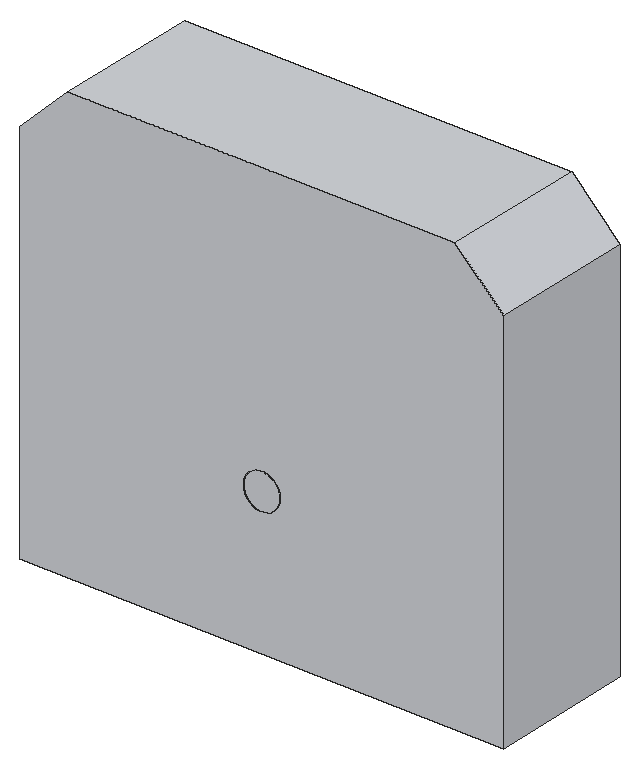
Revit family "0c22d734896e47b2927057ef8933adfd", category Plumbing Fixtures, host Face, Revit 2021
Family settings
  Host = Face
  Round Connector Dimension = Use Radius
  Part Type = Normal
  OmniClass Number = 23.45.05.14.14
  OmniClass Title = Sinks/Lavatories
  Seek Item ID = Lavatory - Wall Mounted-0000-USA-ENU
  Cut with Voids When Loaded = No
  Shared = No
  Room Calculation Point = No
Parameters (values of type "20"x18" - Private")
  Lavatory Width = 1' - 8"
  WFU = 1
  Sink Material = none
  Sanitary Connector Width = Lavatory Width / 2 - 0' 2"  # 0' - 8"
  Sanitary Connector Height = 0' - 1 1/8"
  Lavatory Length = 1' - 6"
  Hot Water Radius = 1/4"
  Hot Water Diameter = Hot Water Radius * 2  # 1/2"
  Half Lavatory Width = Lavatory Width / 2  # 0' - 10"
  HWFU = 0.5
  Flow Pressure [instance] = 8.00 psi
  Faucet Material = none
  Faucet Length = 0' 4" * cos(30.00°)  # 0' - 3.4641"
  Sanitary Radius = 5/8"
  Sanitary Diameter = Sanitary Radius * 2  # 1 1/4"
  Default Elevation = 2' - 10"
  Cross Length 2 = Lavatory Length - 0' 2" - Cross Length 1  # 1' - 3.17157"
  Cross Length 1 = 0' 2" / sin(45.00°) - 0' 2"  # 0' - 0.82843"
  Connector Width 2 = Lavatory Width / 2 + 0' 4"  # 1' - 2"
  Connector Width 1 = Lavatory Width / 2 - 0' 4"  # 0' - 6"
  Connector Height 1 = 0' 1" + 0' 3"  # 0' - 4"
  Cold Water Radius = 1/4"
  Cold Water Diameter = Cold Water Radius * 2  # 1/2"
  CWFU = 0.5
Types (5): name | Lavatory Width | Sanitary Connector Width | Lavatory Length | Half Lavatory Width | HWFU | Cross Length 2 | Connector Width 2 | Connector Width 1 | CWFU
  (no name) | 1' - 8" | 0' - 8" | 1' - 6" | 0' - 10" | 0.5 | 1' - 3.17157" | 1' - 2" | 0' - 6" | 0.5
  19"x14" - Public | 1' - 7" | 0' - 7 1/2" | 1' - 2" | 0' - 9 1/2" | 1.5 | 0' - 11.17157" | 1' - 1 1/2" | 0' - 5 1/2" | 1.5
  20"x18" - Private | 1' - 8" | 0' - 8" | 1' - 6" | 0' - 10" | 0.5 | 1' - 3.17157" | 1' - 2" | 0' - 6" | 0.5
  19"x14" - Private | 1' - 7" | 0' - 7 1/2" | 1' - 2" | 0' - 9 1/2" | 0.5 | 0' - 11.17157" | 1' - 1 1/2" | 0' - 5 1/2" | 0.5
  20"x18" - Public | 1' - 8" | 0' - 8" | 1' - 6" | 0' - 10" | 1.5 | 1' - 3.17157" | 1' - 2" | 0' - 6" | 1.5
Reference planes (in)
  plane 1 "Center (Front/Back)": y = 0
  plane 2 "Center (Elevation)": z = 0
  plane 3 "Center (Left/Right)": x = 0
  plane 4 "bottom": y = -6
  plane 5 "Front": z = 18
  plane 6 "Left": x = -10
  plane 7 "Right": x = 10
  plane 8: x = 8
  plane 9: z = 16
  plane 10: x = -8
  plane 11 "Inner Bottom": y = -5
  plane 12: z = 4.5
  plane 13: x = -7.17157
  plane 14: x = 7.17157
  plane 15: x = 3
  plane 16: x = -3
  plane 17: x = 2
  plane 18: x = -2
  plane 19: z = 6
  plane 20: z = 1.125
  plane 21 "Faucet Bottom": z = 3.125
  plane 22 "faucet": z = 2.125
  plane 23: y = 1
  plane 24: y = 2.5
  plane 25: z = 15.17157
  plane 26 "Faucet Front": z = 6.5891
  plane 27 "Faucet Front 2": y = 2
  plane 28: y = 2.5
  plane 29 "LIS": y = 1.5
  plane 30: x = -0.5
  plane 31: x = 0.5
  plane 32: y = -3
Forms (in)
  Extrusion 1, solid, material <- "Sink Material"
    sketch origin (0, 0, 0) x (1, 0, 0) y (0, 0, 1)
      loop
        line (-8, 18) -> (-10, 16) -> (-10, 0) -> (10, 0) -> (10, 16) -> (8, 18) -> (-8, 18)
    from 0 to 6
  Extrusion 2, void
    sketch origin (0, 0, 0) x (1, 0, 0) y (0, 0, 1)
      loop
        circle (0, 6) r 0.75
    from 5 to 6
  Extrusion 3, solid, material <- "Faucet Material", detail levels fine
    sketch origin (0, 0, 0) x (1, 0, 0) y (0, 0, 1)
      loop
        line (3, 3.125) -> (-3, 3.125) -> (-3, 1.125) -> (3, 1.125) -> (3, 3.125)
    from -1 to 0
  Extrusion 4, solid, material <- "Faucet Material", detail levels fine
    sketch origin (0, 0, 0) x (1, 0, 0) y (0, 0, 1)
      loop
        circle (2, 2.125) r 0.75
    from -2.5 to -1
  Extrusion 5, void
    sketch origin (0, 0, 0) x (1, 0, 0) y (0, 0, 1)
      loop
        line (-7.17157, 16) -> (-8, 15.17157) -> (-8, 4.5) -> (8, 4.5) -> (8, 15.17157) -> (7.17157, 16) -> (-7.17157, 16)
    from 0 to 5
  Blend 6, solid, material <- "Faucet Material", detail levels fine
    base sketch origin (0, 0, 3.125) x (1, 0, 0) y (0, 1, 0)
      loop
        line (-0.5, 1) -> (-0.5, 0) -> (0.5, 0) -> (0.5, 1) -> (-0.5, 1)
    top sketch origin (0, 0, 6.5891) x (0, 1, 0) y (-1, 0, 0)
      loop
        line (2.5, 0.5) -> (1.5, 0.5) -> (1.5, -0.5) -> (2.5, -0.5) -> (2.5, 0.5)
    from 0 to 0
  Extrusion 7, solid, material <- "Faucet Material", detail levels fine
    sketch origin (0, 0, 0) x (1, 0, 0) y (0, 0, 1)
      loop
        circle (-2, 2.125) r 0.75
    from -2.5 to -1
  Extrusion 8, solid, material <- "Sink Material"
    sketch origin (0, 0, 0) x (1, 0, 0) y (0, 0, 1)
      loop
        circle (0, 6) r 0.75
    from 5 to 6
Cuts and joins
  Extrusion 2, Extrusion 5 cuts Extrusion 1
Dimensions and locks (in)
  equal spacing: plane 7 "Right", plane 3 "Center (Left/Right)", plane 6 "Left"
  "Half Lavatory Width": plane 3 "Center (Left/Right)" to plane 6 "Left"
  "Lavatory Length": plane 5 "Front" to plane 2 "Center (Elevation)"
  locked: plane 10 to plane 6 "Left" at 2
  locked: plane 7 "Right" to plane 8 at 2
  locked: plane 5 "Front" to plane 9 at 2
  locked: plane 1 "Center (Front/Back)" to plane 4 "bottom" at 6
  locked: plane 1 "Center (Front/Back)" to plane 11 "Inner Bottom" at 5
  locked: plane 12 to host face at 4.5
  "Cross Length 1": plane 13 to plane 10
  "Cross Length 1": plane 14 to plane 8
  equal spacing: plane 16, plane 3 "Center (Left/Right)", plane 15
  locked: plane 3 "Center (Left/Right)" to plane 15 at 3
  equal spacing: plane 18, plane 3 "Center (Left/Right)", plane 17
  locked: plane 3 "Center (Left/Right)" to plane 17 at 2
  locked: plane 12 to plane 19 at 1.5
  equal spacing: plane 20, plane 22 "faucet", plane 21 "Faucet Bottom"
  locked: plane 20 to plane 22 "faucet" at 1
  locked: plane 23 to plane 1 "Center (Front/Back)" at 1
  locked: plane 24 to plane 23 at 1.5
  locked: plane 2 "Center (Elevation)" to plane 22 "faucet" at 2.125
  "Cross Length 2": plane 25 to plane 2 "Center (Elevation)"
  "Faucet Length": plane 26 "Faucet Front" to plane 21 "Faucet Bottom"
  locked: plane 27 "Faucet Front 2" to plane 1 "Center (Front/Back)" at 2
  plane 28 to plane 27 "Faucet Front 2" = 0' - 0 1/2"
  plane 27 "Faucet Front 2" to plane 29 "LIS" = 0' - 0 1/2"
  equal spacing: plane 30, plane 3 "Center (Left/Right)", plane 31
  plane 30 to plane 3 "Center (Left/Right)" = 0' - 0 1/2"
  equal spacing: plane 4 "bottom", plane 32, plane 1 "Center (Front/Back)"
  "Connector Width 1": connector elem to plane 7 "Right"
  "Connector Height 1": connector elem to plane 23  (x2)
  "Connector Width 2": connector elem to plane 7 "Right"
  radius of Extrusion 2 sketch curve = 0' - 0 3/4"
  radius of Extrusion 8 sketch curve = 0' - 0 3/4"
  aligned and locked: plane 2 "Center (Elevation)" to host face
  aligned and locked: level to host face
  aligned and locked: plane 5 "Front" to Extrusion 1 sketch curve
  aligned and locked: plane 10 to Extrusion 1 sketch curve
  aligned and locked: plane 8 to Extrusion 1 sketch curve
  aligned and locked: plane 7 "Right" to Extrusion 1 sketch curve
  aligned and locked: plane 9 to Extrusion 1 sketch curve  (x2)
  aligned and locked: plane 2 "Center (Elevation)" to Extrusion 1 sketch curve  (x2)
  aligned and locked: Extrusion 1 sketch curve to plane 6 "Left"
  aligned and locked: Extrusion 1 to plane 1 "Center (Front/Back)"
  aligned and locked: Extrusion 1 to plane 4 "bottom"
  aligned and locked: Extrusion 2 to plane 4 "bottom"
  aligned and locked: Extrusion 2 to plane 11 "Inner Bottom"
  aligned and locked: plane 3 "Center (Left/Right)" to Extrusion 2 sketch curve
  aligned and locked: plane 19 to Extrusion 2 sketch curve
  aligned and locked: Extrusion 3 sketch curve to plane 21 "Faucet Bottom"
  aligned and locked: Extrusion 3 sketch curve to plane 16
  aligned and locked: plane 20 to Extrusion 3 sketch curve
  aligned and locked: plane 15 to Extrusion 3 sketch curve
  aligned and locked: plane 1 "Center (Front/Back)" to Extrusion 3
  aligned and locked: Extrusion 4 to plane 24
  aligned and locked: Extrusion 4 to Extrusion 3
  aligned and locked: Extrusion 5 to plane 1 "Center (Front/Back)"
  aligned and locked: plane 11 "Inner Bottom" to Extrusion 5
  aligned and locked: plane 9 to Extrusion 5
  aligned and locked: Extrusion 5 to plane 12
  aligned and locked: Extrusion 5 sketch curve to plane 9
  aligned and locked: plane 10 to Extrusion 5 sketch curve  (x2)
  aligned and locked: plane 9 to Extrusion 5 sketch curve
  aligned and locked: plane 14 to Extrusion 5 sketch curve
  aligned and locked: plane 25 to Extrusion 5 sketch curve  (x2)
  aligned and locked: plane 8 to Extrusion 5 sketch curve  (x2)
  aligned and locked: plane 12 to Extrusion 5 sketch curve  (x2)
  aligned and locked: plane 13 to Extrusion 5 sketch curve
  aligned and locked: plane 30 to Blend 6 sketch curve  (x2)
  aligned and locked: plane 23 to Blend 6 sketch curve
  aligned and locked: plane 1 "Center (Front/Back)" to Blend 6 sketch curve
  aligned and locked: Blend 6 sketch curve to plane 31  (x2)
  aligned and locked: plane 24 to Blend 6 sketch curve
  aligned and locked: plane 29 "LIS" to Blend 6 sketch curve
  aligned and locked: plane 9 to cut or joined group of Extrusion 1, Extrusion 2, Extrusion 5
  aligned and locked: cut or joined group of Extrusion 1, Extrusion 2, Extrusion 5 to plane 10
  aligned and locked: cut or joined group of Extrusion 1, Extrusion 2, Extrusion 5 to plane 12
  aligned and locked: plane 8 to cut or joined group of Extrusion 1, Extrusion 2, Extrusion 5
  aligned and locked: plane 5 "Front" to cut or joined group of Extrusion 1, Extrusion 2, Extrusion 5
  aligned and locked: plane 7 "Right" to cut or joined group of Extrusion 1, Extrusion 2, Extrusion 5
  aligned and locked: plane 21 "Faucet Bottom" to Extrusion 3
  aligned and locked: plane 18 to Extrusion 7 sketch curve
  aligned and locked: plane 22 "faucet" to Extrusion 7 sketch curve
  aligned and locked: Extrusion 7 to Extrusion 4
  aligned and locked: Extrusion 7 to Extrusion 3
  aligned and locked: plane 3 "Center (Left/Right)" to Extrusion 8 sketch curve
  aligned and locked: plane 19 to Extrusion 8 sketch curve
  aligned and locked: Extrusion 8 to plane 4 "bottom"
  aligned and locked: Extrusion 8 to plane 11 "Inner Bottom"
Automatic sketch dimensions
  Extrusion 4 sketch curve to plane 17 = 0' - 0"
  Extrusion 4 sketch curve to plane 22 "faucet" = 0' - 0"
  host sketch curve to host sketch curve = 4' - 8.40158"
  host sketch curve to host sketch curve = 7' - 2"
  radius of Extrusion 4 sketch curve = 0' - 0 3/4"
  radius of Extrusion 7 sketch curve = 0' - 0 3/4"
Connectors (in)
  piping at (4, -3, 0), diameter 0.5, driven by "Cold Water Radius", driven by "CWFU", driven by "Flow Pressure"
    settings: on plane 2 "Center (Elevation)", index 1, connector inside diameter 1/2", connector length 0' - 0", flow factor 0, pipe flow 0 GPM, pressure drop 8.00 psi, fitting loss kfactor 0, connector angle 0.00°, fixture units 0.5, engagement length 0' - 0", angle of deflection 0.00°, flow configuration 3, flow direction 1, fitting loss method 4, system type 20, joint type 0, gender type 0, connector reference index -1, connector utility 0, adjustable connector no, is connector primary yes, connector description "In"
  piping at (-4, -3, 0), diameter 0.5, driven by "Hot Water Radius", driven by "HWFU", driven by "Flow Pressure"
    settings: on plane 2 "Center (Elevation)", index 2, connector inside diameter 1/2", connector length 0' - 0", flow factor 0, pipe flow 0 GPM, pressure drop 8.00 psi, fitting loss kfactor 0, connector angle 0.00°, fixture units 0.5, engagement length 0' - 0", angle of deflection 0.00°, flow configuration 3, flow direction 1, fitting loss method 4, system type 19, joint type 0, gender type 0, connector reference index -1, connector utility 0, adjustable connector no, is connector primary no, connector description "In"
  piping at (0, -6, 6), diameter 1.25, driven by "Sanitary Radius", driven by "WFU"
    settings: on cut or joined group of Extrusion 1, Extrusion 2, Extrusion 5, index 3, connector inside diameter 1 1/4", connector length 0' - 0", flow factor 0, pipe flow 0 GPM, pressure drop 0.00 psi, fitting loss kfactor 0, connector angle 0.00°, fixture units 1, engagement length 0' - 0", angle of deflection 0.00°, flow configuration 3, flow direction 2, fitting loss method 0, system type 16, joint type 0, gender type 0, connector reference index -1, connector utility 0, adjustable connector no, is connector primary no, connector description "Out"
